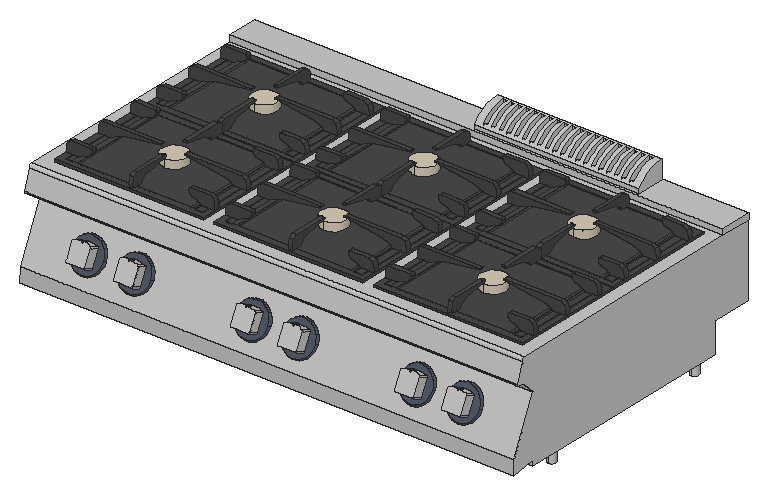
Revit family "QF_ZANUSSI_372150_Z7GCGL6C0A", category Specialty Equipment, Revit 2018 (continued)
Automatic sketch dimensions
  Extrusion 36 sketch curve to Extrusion 36 sketch curve = 0 mm
  Extrusion 36 sketch curve to Extrusion 36 sketch curve = 1 mm  (x2)
  Extrusion 36 sketch curve to Extrusion 36 sketch curve = 15 mm
  Extrusion 37 sketch curve to Extrusion 37 sketch curve = 35 mm  (x2)
  Extrusion 39 sketch curve to Extrusion 39 sketch curve = 2.997 mm  (x4)
  Extrusion 39 sketch curve to Extrusion 39 sketch curve = 20.003 mm  (x2)
  Extrusion 39 sketch curve to Extrusion 39 sketch curve = 0 mm  (x2)
  Extrusion 39 sketch curve to Extrusion 39 sketch curve = 40.037 mm
  Extrusion 39 sketch curve to Extrusion 39 sketch curve = 5.399 mm
  Split face 34 sketch curve to Split face 34 sketch curve = 6 mm
  Split face 34 sketch curve to Split face 34 sketch curve = 10 mm
  Split face 35 sketch curve to Split face 35 sketch curve = 5 mm
  Split face 35 sketch curve to Split face 35 sketch curve = 9 mm
  Split face 36 sketch curve to Split face 36 sketch curve = 5 mm
  Split face 37 sketch curve to Split face 37 sketch curve = 5 mm
  Split face 38 sketch curve to Split face 38 sketch curve = 6 mm
  Split face 38 sketch curve to Split face 38 sketch curve = 10 mm
  Split face 39 sketch curve to Split face 39 sketch curve = 5 mm
  Split face 39 sketch curve to Split face 39 sketch curve = 9 mm
  Split face 40 sketch curve to Split face 40 sketch curve = 5 mm
  Split face 41 sketch curve to Split face 41 sketch curve = 5 mm
  curve 2 to plane 4 "RIGHT" = 0 mm
  plane 5 "FRONT" to curve 3 = 0.129 mm
  plane 5 "FRONT" to curve 1 = 0.129 mm
  plane 3 "LEFT" to curve 91 = 120.334 mm
  curve 91 to curve 94 = 0.774 mm
  curve 91 to curve 92 = 1.846 mm
  curve 94 to curve 93 = 10.309 mm
  curve 91 to curve 95 = 21.322 mm
  curve 95 to curve 104 = 1.738 mm
  curve 93 to curve 102 = 22.215 mm
  curve 92 to curve 101 = 40.691 mm
  curve 101 to curve 103 = 1.071 mm
  curve 100 to curve 116 = 70.617 mm
  curve 116 to curve 119 = 0.774 mm
  curve 116 to curve 117 = 1.846 mm
  curve 119 to curve 118 = 10.309 mm
  curve 116 to curve 120 = 21.322 mm
  curve 120 to curve 111 = 1.738 mm
  curve 118 to curve 109 = 22.215 mm
  curve 108 to curve 110 = 1.071 mm
  curve 126 to plane 7 "Center Y" = 79.666 mm
  curve 126 to curve 129 = 0.774 mm
  curve 126 to curve 127 = 1.846 mm
  curve 128 to plane 7 "Center Y" = 68.583 mm
  curve 130 to plane 7 "Center Y" = 58.344 mm
  curve 130 to curve 139 = 1.738 mm
  curve 128 to curve 137 = 22.215 mm
  curve 136 to curve 138 = 1.071 mm
  curve 135 to curve 151 = 70.617 mm
  curve 151 to curve 154 = 0.774 mm
  curve 151 to curve 152 = 1.846 mm
  curve 154 to curve 153 = 10.309 mm
  curve 151 to curve 155 = 21.322 mm
  curve 155 to curve 146 = 1.738 mm
  curve 153 to curve 144 = 22.215 mm
  curve 152 to curve 143 = 40.691 mm
  curve 143 to curve 145 = 1.071 mm
  curve 160 to plane 4 "RIGHT" = 279.666 mm
  curve 160 to curve 163 = 0.774 mm
  curve 160 to curve 161 = 1.846 mm
  curve 163 to curve 162 = 10.309 mm
  curve 160 to curve 164 = 21.322 mm
  curve 164 to curve 173 = 1.738 mm
  curve 162 to curve 171 = 22.215 mm
  curve 161 to curve 170 = 40.691 mm
  curve 170 to curve 172 = 1.071 mm
  curve 185 to curve 188 = 0.774 mm
  curve 185 to curve 186 = 1.846 mm
  curve 188 to curve 187 = 10.309 mm
  curve 189 to plane 4 "RIGHT" = 143.344 mm
  curve 189 to curve 180 = 1.738 mm
  curve 187 to curve 178 = 22.215 mm
  curve 177 to plane 4 "RIGHT" = 122.129 mm
  curve 177 to curve 179 = 1.071 mm
  curve 128 to curve 137 = 0 mm
  curve 187 to curve 178 = 0 mm
  curve 93 to curve 102 = 0 mm
  curve 162 to curve 171 = 0 mm
  curve 153 to curve 144 = 0 mm
  curve 118 to curve 109 = 0 mm
  curve 163 to curve 162 = 43.345 mm
  curve 119 to curve 110 = 0 mm
  curve 163 to curve 172 = 0 mm
  curve 94 to curve 103 = 0 mm
  curve 188 to curve 179 = 0 mm
  curve 154 to curve 145 = 0 mm
  curve 129 to curve 138 = 0 mm
  curve 143 to curve 145 = 14.462 mm
  curve 136 to curve 138 = 14.462 mm
  curve 170 to curve 172 = 14.462 mm
  curve 108 to curve 110 = 14.462 mm
  curve 186 to curve 188 = 14.462 mm
  curve 92 to curve 94 = 14.462 mm
  curve 116 to curve 117 = 2.779 mm
  curve 107 to curve 108 = 2.779 mm
  curve 91 to curve 92 = 2.779 mm
  curve 185 to curve 186 = 2.779 mm
  curve 176 to curve 177 = 2.779 mm
  curve 126 to curve 127 = 2.779 mm
  curve 169 to curve 170 = 2.779 mm
  curve 160 to curve 161 = 2.779 mm
  curve 135 to curve 136 = 2.779 mm
  curve 100 to curve 101 = 2.779 mm
  curve 151 to curve 152 = 2.779 mm
  curve 142 to curve 143 = 2.779 mm
  curve 120 to curve 116 = 88.173 mm
  curve 139 to curve 135 = 88.173 mm
  curve 180 to curve 176 = 88.173 mm
  curve 146 to curve 142 = 88.173 mm
  curve 130 to curve 139 = 0 mm  (x2)
  curve 189 to curve 180 = 0 mm  (x2)
  curve 120 to curve 111 = 0 mm  (x2)
  curve 173 to curve 169 = 88.173 mm
  curve 95 to curve 91 = 88.173 mm
  curve 164 to curve 173 = 0 mm  (x2)
  curve 95 to curve 104 = 0 mm  (x2)
  curve 155 to curve 146 = 0 mm  (x2)
  curve 93 to curve 94 = 11.392 mm
  curve 94 to curve 94 = 1.583 mm
  curve 92 to curve 91 = 0.277 mm
  curve 94 to curve 94 = 0.284 mm
  curve 92 to curve 105 = 2.465 mm
  curve 94 to curve 97 = 20.417 mm
  curve 96 to curve 98 = 2 mm
  curve 105 to curve 100 = 2.189 mm
  curve 103 to curve 104 = 0.284 mm
  curve 100 to curve 101 = 0.277 mm
  curve 100 to curve 100 = 0.809 mm
  curve 104 to curve 102 = 1.299 mm
  curve 99 to curve 102 = 9.809 mm
  curve 118 to curve 119 = 11.392 mm
  curve 115 to curve 116 = 0.809 mm
  curve 117 to curve 116 = 0.277 mm
  curve 120 to curve 119 = 0.284 mm
  curve 117 to curve 121 = 2.465 mm
  curve 119 to curve 114 = 20.417 mm
  curve 114 to curve 112 = 2 mm
  curve 108 to curve 107 = 2.189 mm
  curve 110 to curve 110 = 0.284 mm
  curve 107 to curve 107 = 0.277 mm
  curve 111 to curve 109 = 1.299 mm
  curve 107 to curve 106 = 0.809 mm
  curve 106 to curve 109 = 9.809 mm
  curve 128 to plane 7 "Center Y" = 90.284 mm
  curve 126 to curve 126 = 0.809 mm
  curve 127 to curve 126 = 0.277 mm
  curve 130 to curve 129 = 0.284 mm
  curve 126 to curve 140 = 2.465 mm
  curve 129 to curve 130 = 20.417 mm
  curve 130 to curve 139 = 2 mm
  curve 140 to curve 135 = 2.189 mm
  curve 138 to curve 139 = 0.284 mm
  curve 135 to curve 136 = 0.277 mm
  curve 135 to curve 135 = 0.809 mm
  curve 139 to curve 137 = 1.299 mm
  curve 134 to curve 137 = 9.809 mm
  curve 153 to curve 154 = 11.392 mm
  curve 154 to curve 154 = 1.583 mm
  curve 151 to curve 151 = 0.277 mm
  curve 154 to curve 154 = 0.284 mm
  curve 151 to curve 156 = 2.465 mm
  curve 154 to curve 149 = 20.417 mm
  curve 148 to curve 147 = 2 mm
  curve 156 to curve 142 = 2.189 mm
  curve 145 to curve 145 = 0.284 mm
  curve 142 to curve 143 = 0.277 mm
  curve 142 to curve 142 = 0.809 mm
  curve 146 to curve 144 = 1.299 mm
  curve 141 to curve 144 = 9.809 mm
  curve 162 to curve 163 = 11.392 mm
  curve 163 to curve 163 = 1.583 mm
  curve 160 to curve 160 = 0.277 mm
  curve 158 to curve 161 = 1.654 mm
  curve 163 to curve 163 = 0.284 mm
  curve 160 to curve 161 = 2.465 mm
  curve 163 to curve 165 = 20.417 mm
  curve 165 to curve 167 = 2 mm
  curve 174 to curve 169 = 2.189 mm
  curve 172 to curve 172 = 0.284 mm
  curve 169 to curve 170 = 0.277 mm
  curve 169 to curve 168 = 0.809 mm
  curve 173 to curve 171 = 1.299 mm
  curve 168 to curve 171 = 9.809 mm
  curve 187 to curve 188 = 11.392 mm
  curve 185 to curve 185 = 0.809 mm
  curve 185 to curve 185 = 0.277 mm
  curve 189 to curve 188 = 0.284 mm
  curve 185 to curve 190 = 2.465 mm
  curve 188 to curve 189 = 20.417 mm
  curve 183 to curve 181 = 2 mm
  curve 190 to curve 176 = 2.189 mm
  curve 179 to curve 179 = 0.284 mm
  curve 176 to curve 177 = 0.277 mm
  curve 176 to curve 176 = 0.809 mm
  curve 180 to curve 178 = 1.299 mm
  curve 178 to plane 4 "RIGHT" = 109.666 mm
  plane 4 "RIGHT" to curve 89 = 0.05 mm
  curve 192 to curve 89 = 0 mm
  curve 145 to curve 144 = 7.106 mm
  curve 188 to curve 187 = 7.106 mm
  curve 94 to curve 93 = 7.106 mm
  curve 118 to curve 115 = 4.292 mm
  curve 119 to curve 114 = 7.106 mm
  curve 129 to curve 128 = 7.106 mm
  curve 93 to curve 90 = 4.292 mm
  curve 128 to curve 125 = 4.292 mm
  curve 187 to curve 184 = 4.292 mm
  curve 144 to curve 141 = 4.292 mm
  curve 172 to curve 168 = 7.106 mm
  curve 178 to curve 175 = 4.292 mm
  curve 109 to curve 106 = 4.292 mm
  curve 137 to curve 134 = 4.292 mm
  curve 146 to curve 147 = 3.441 mm
  curve 104 to curve 98 = 3.441 mm
  curve 111 to curve 112 = 3.441 mm
  curve 180 to curve 181 = 3.441 mm
  curve 173 to curve 167 = 3.441 mm
  curve 139 to curve 133 = 3.441 mm
  curve 114 to curve 120 = 2.23 mm
  curve 97 to curve 95 = 2.23 mm
  curve 131 to curve 130 = 2.23 mm
  curve 167 to curve 173 = 2.23 mm
  curve 181 to curve 180 = 2.23 mm
  curve 147 to curve 146 = 2.23 mm
  curve 136 to curve 157 = 6.567 mm
  curve 177 to curve 192 = 6.567 mm
  curve 186 to curve 191 = 6.567 mm
  curve 101 to curve 122 = 6.567 mm
  curve 108 to curve 123 = 6.567 mm
  curve 124 to curve 89 = 15 mm
  curve 161 to curve 158 = 6.567 mm
  curve 89 to curve 193 = 13.167 mm
  Extrusion 1 sketch curve to plane 5 "FRONT" = 0 mm
  Extrusion 1 sketch curve to plane 10 = 52.989 mm
  Extrusion 1 sketch curve to plane 5 "FRONT" = 15.116 mm
  Extrusion 1 sketch curve to Extrusion 1 sketch curve = 2.884 mm
  Extrusion 1 sketch curve to plane 11 = 65.474 mm
  Extrusion 1 sketch curve to Extrusion 1 sketch curve = 13.051 mm
  Extrusion 1 sketch curve to plane 10 = 56.816 mm
  Extrusion 1 sketch curve to Extrusion 1 sketch curve = 10.198 mm
  Extrusion 1 sketch curve to plane 11 = 58 mm
  plane 9 "Base Height" to Extrusion 1 sketch curve = 13.428 mm
  Extrusion 1 sketch curve to Extrusion 1 sketch curve = 56.355 mm
  Extrusion 1 sketch curve to Extrusion 1 sketch curve = 0.445 mm
  Extrusion 1 sketch curve to Extrusion 1 sketch curve = 3.2 mm
  Extrusion 1 sketch curve to plane 10 = 88.636 mm
  Extrusion 1 sketch curve to Extrusion 1 sketch curve = 31.82 mm
  plane 1 "BACK" to Extrusion 1 sketch curve = 103 mm
  Extrusion 1 sketch curve to plane 1 "BACK" = 0 mm
  Extrusion 1 sketch curve to Extrusion 1 sketch curve = 7.92 mm
  plane 9 "Base Height" to Extrusion 1 sketch curve = 0 mm
  Extrusion 1 sketch curve to Extrusion 1 sketch curve = 35 mm
  Extrusion 1 sketch curve to Extrusion 1 sketch curve = 74 mm
  radius of Extrusion 4 sketch curve = 6.35 mm
  radius of Blend 8 sketch curve = 42.5 mm
  radius of Blend 8 sketch curve = 40.5 mm
  radius of Split face 1 sketch curve = 3 mm
  radius of Blend 14 sketch curve = 42.5 mm
  radius of Blend 14 sketch curve = 40.5 mm
  radius of Split face 10 sketch curve = 1.5 mm
  radius of Split face 11 sketch curve = 2.029 mm
  radius of Split face 12 sketch curve = 2.031 mm
  radius of Split face 13 sketch curve = 3.497 mm
  radius of Split face 14 sketch curve = 3.497 mm
  radius of Split face 15 sketch curve = 3 mm
  radius of Split face 16 sketch curve = 1.5 mm
  radius of Blend 16 sketch curve = 42.5 mm
  radius of Blend 16 sketch curve = 40.5 mm
  radius of Blend 22 sketch curve = 42.5 mm
  radius of Blend 22 sketch curve = 40.5 mm
  radius of Blend 24 sketch curve = 42.5 mm
  radius of Blend 24 sketch curve = 40.5 mm
  radius of Blend 30 sketch curve = 42.5 mm
  radius of Blend 30 sketch curve = 40.5 mm
  radius of Split face 17 sketch curve = 3 mm
  radius of Split face 26 sketch curve = 1.5 mm
  radius of Split face 27 sketch curve = 2.029 mm
  radius of Split face 28 sketch curve = 2.031 mm
  radius of Split face 29 sketch curve = 3.497 mm
  radius of Split face 30 sketch curve = 3.497 mm
  radius of Split face 31 sketch curve = 3 mm
  radius of Split face 32 sketch curve = 1.5 mm
  radius of Blend 32 sketch curve = 42.5 mm
  radius of Blend 32 sketch curve = 40.5 mm
  radius of Blend 38 sketch curve = 42.5 mm
  radius of Blend 38 sketch curve = 40.5 mm
  radius of Split face 33 sketch curve = 3 mm
  radius of Split face 42 sketch curve = 1.5 mm
  radius of Split face 43 sketch curve = 2.029 mm
  radius of Split face 44 sketch curve = 2.031 mm
  radius of Split face 45 sketch curve = 3.497 mm
  radius of Split face 46 sketch curve = 3.497 mm
  radius of Split face 47 sketch curve = 3 mm
  radius of Split face 48 sketch curve = 1.5 mm
Nested families
  nested 1: "QF_372004_BURNER" at (24.358, -6.2, -576.213), type "QF_372004_BURNER"
    with Type Mark "", Status "", Specification by User "", Revision Code "", Item Number "", Installed By "", Identify Quantity as Lot yes, Furnished By "", Foodservice Equipment Identifier yes
  nested 2: "QF_372004_BURNER" at (24.358, -740.327, -576.213), type "QF_372004_BURNER"
    with Type Mark "", Status "", Specification by User "", Revision Code "", Item Number "", Installed By "", Identify Quantity as Lot yes, Furnished By "", Foodservice Equipment Identifier yes
  nested 3: "QF_372004_BURNER" at (412.5, -6.2, -576.213), type "QF_372004_BURNER"
    with Type Mark "", Status "", Specification by User "", Revision Code "", Item Number "", Installed By "", Identify Quantity as Lot yes, Furnished By "", Foodservice Equipment Identifier yes
  nested 4: "QF_372004_BURNER" at (412.5, -740.327, -576.213), type "QF_372004_BURNER"
    with Type Mark "", Status "", Specification by User "", Revision Code "", Item Number "", Installed By "", Identify Quantity as Lot yes, Furnished By "", Foodservice Equipment Identifier yes
  nested 5: "QF_372004_BURNER" at (1175.642, -6.2, -576.213) x (-1, 0, 0) z (0, 0, 1), type "QF_372004_BURNER"
    with Type Mark "", Status "", Specification by User "", Revision Code "", Item Number "", Installed By "", Identify Quantity as Lot yes, Furnished By "", Foodservice Equipment Identifier yes
  nested 6: "QF_372004_BURNER" at (1175.642, -740.327, -576.213) x (-1, 0, 0) z (0, 0, 1), type "QF_372004_BURNER"
    with Type Mark "", Status "", Specification by User "", Revision Code "", Item Number "", Installed By "", Identify Quantity as Lot yes, Furnished By "", Foodservice Equipment Identifier yes
Connectors
  piping at (1100, -76.2, 60.512), diameter 12.8
    settings: on Extrusion 4, index 1, connector inside diameter 0.50394", connector length 0 mm, flow factor 0, pipe flow 0 GPM, pressure drop 0.00 psi, fitting loss kfactor 0, connector angle 0.00°, fixture units 0, engagement length 0 mm, angle of deflection 0.00°, flow configuration 1, flow direction 1, fitting loss method 0, system type 7, joint type 0, gender type 0, connector reference index -1, connector utility 0, adjustable connector no, is connector primary yes, connector description "Gas Inlet"
Definition of nested family "QF_372004_BURNER"
  Parameters
    Weight in Pounds = 0
    URL Cutsheet = ""
    URL = "www.electrolux.com"
    Type Mark [instance] = ""
    Status [instance] = ""
    Specification by User [instance] = ""
    Specification by Manufacturer = ""
    Serial Number = ""
    Seismic Rating = ""
    SMACNA No = ""
    Revision Code [instance] = ""
    Omniclass Number and Title = ""
    NAFEM Spec ID Number = ""
    Model = "371009"
    Masterspec = ""
    Manufacturer = "ELECTROLUX"
    Item Number [instance] = ""
    Installed By [instance] = ""
    Identify Quantity as Lot [instance] = yes
    Furnished By [instance] = ""
    Foodservice Equipment Identifier [instance] = yes
    Description = ""
    CSI MasterFormat = ""
    CSI Master Format = ""
  Reference planes
    plane 1 "BACK": y = 0
    plane 2: z = 0
    plane 3 "LEFT": x = 0
    plane 4 "RIGHT": x = 800
    plane 5 "FRONT": y = -700
    plane 6 "TOP": z = 908.85
    plane 7 "Center Y": x = 400
    plane 8 "Center X": y = -350
    plane 9 "Base": z = 150
    plane 10: z = 850.85
  Forms (mm)
    Extrusion 1, solid
      sketch origin (0, -734.127, 5) x (1, 0, 0) y (0, 0, -1)
        loop
          arc (7.142, -850.85) -> (6.739, -862.989) -> (9.761, -874.752) r 42.809
          line (9.761, -874.752) -> (19.961, -879.425) -> (157.339, -879.425)
          arc (157.339, -879.425) -> (158.533, -878.312) -> (157.506, -877.043) r 1.197
          line (157.506, -877.043) -> (64.848, -864.021)
          arc (64.848, -864.021) -> (50.111, -858.738) -> (36.589, -850.85) r 85.245
          line (36.589, -850.85) -> (7.142, -850.85)
        loop
          line (367.858, -850.85) -> (338.411, -850.85)
          arc (338.411, -850.85) -> (324.889, -858.738) -> (310.152, -864.021) r 85.245
          line (310.152, -864.021) -> (217.494, -877.043)
          arc (217.494, -877.043) -> (216.467, -878.312) -> (217.661, -879.425) r 1.197
          line (217.661, -879.425) -> (355.039, -879.425) -> (365.239, -874.752)
          arc (365.239, -874.752) -> (368.261, -862.989) -> (367.858, -850.85) r 42.809
      from 224.564 to 234.564
    Extrusion 2, solid
      sketch origin (0, -734.127, 5) x (1, 0, 0) y (0, 0, -1)
        loop
          arc (7.056, -850.85) -> (6.705, -862.948) -> (9.748, -874.663) r 42.876
          line (9.748, -874.663) -> (19.961, -879.425) -> (65.851, -879.425)
          arc (65.851, -879.425) -> (68.577, -878.352) -> (69.841, -875.709) r 4
          arc (69.841, -875.709) -> (68.75, -869.25) -> (64.816, -864.012) r 13.87
          arc (64.816, -864.012) -> (50.096, -858.731) -> (36.589, -850.85) r 85.245
          line (36.589, -850.85) -> (7.056, -850.85)
        loop
          line (367.944, -850.85) -> (338.411, -850.85)
          arc (338.411, -850.85) -> (324.904, -858.731) -> (310.184, -864.012) r 85.245
          arc (310.184, -864.012) -> (306.25, -869.25) -> (305.159, -875.709) r 13.87
          arc (305.159, -875.709) -> (306.423, -878.352) -> (309.149, -879.425) r 4
          line (309.149, -879.425) -> (355.039, -879.425) -> (365.252, -874.663)
          arc (365.252, -874.663) -> (368.295, -862.948) -> (367.944, -850.85) r 42.876
      from 127.064 to 137.064
    Extrusion 3, solid
      sketch origin (0, -275, 5) x (1, 0, 0) y (0, 0, 1)
        loop
          arc (64.816, 864.012) -> (68.75, 869.25) -> (69.841, 875.709) r 13.87
          arc (69.841, 875.709) -> (68.577, 878.352) -> (65.851, 879.425) r 4
          line (65.851, 879.425) -> (19.961, 879.425) -> (9.748, 874.663)
          arc (9.748, 874.663) -> (6.705, 862.948) -> (7.056, 850.85) r 42.876
          line (7.056, 850.85) -> (36.589, 850.85)
          arc (36.589, 850.85) -> (50.096, 858.731) -> (64.816, 864.012) r 85.245
        loop
          arc (310.184, 864.012) -> (324.904, 858.731) -> (338.411, 850.85) r 85.245
          line (338.411, 850.85) -> (367.944, 850.85)
          arc (367.944, 850.85) -> (368.295, 862.948) -> (365.252, 874.663) r 42.876
          line (365.252, 874.663) -> (355.039, 879.425) -> (309.149, 879.425)
          arc (309.149, 879.425) -> (306.423, 878.352) -> (305.159, 875.709) r 4
          arc (305.159, 875.709) -> (306.25, 869.25) -> (310.184, 864.012) r 13.87
      from 127.064 to 137.064
    Extrusion 4, solid
      sketch origin (454.964, -29.48, 5) x (0, -1, 0) y (0, 0, 1)
        loop
          arc (366.649, 850.85) -> (375.927, 861.743) -> (389.337, 866.736) r 28.426
          line (389.337, 866.736) -> (441.256, 877.043)
          arc (441.256, 877.043) -> (442.283, 878.312) -> (441.089, 879.425) r 1.197
          line (441.089, 879.425) -> (347.797, 879.425)
          arc (347.797, 879.425) -> (343.211, 875.934) -> (337.583, 874.694) r 13.39
          line (337.583, 874.694) -> (337.583, 850.85) -> (366.649, 850.85)
        loop
          arc (606.236, 850.85) -> (606.587, 862.948) -> (603.543, 874.663) r 42.876
          line (603.543, 874.663) -> (593.33, 879.425) -> (509.077, 879.425)
          arc (509.077, 879.425) -> (507.883, 878.312) -> (508.911, 877.043) r 1.197
          line (508.911, 877.043) -> (560.83, 866.736)
          arc (560.83, 866.736) -> (574.239, 861.743) -> (583.518, 850.85) r 28.426
          line (583.518, 850.85) -> (606.236, 850.85)
      from 262.464 to 272.464
    Extrusion 5, solid
      sketch origin (0, 0, 850.85) x (0, -1, 0) y (1, 0, 0)
        loop
          line (642.216, 6.433) -> (642.216, 368.567) -> (367.857, 368.567) -> (367.857, 6.433) -> (642.216, 6.433)
        loop
          line (382.857, 21.433) -> (627.216, 21.433) -> (627.216, 353.567) -> (382.857, 353.567) -> (382.857, 21.433)
      from 0 to 5
    Extrusion 6, solid
      sketch origin (-12.5, 0, 855.85) x (0, -1, 0) y (1, 0, 0)
        loop
          circle (504.356, 200) r 30
      from -1.321 to 17.134
    Extrusion 7, solid
      sketch origin (0, -734.127, 0) x (1, 0, 0) y (0, 0, -1)
        loop
          line (21.433, -855.85) -> (36.589, -855.85)
          arc (36.589, -855.85) -> (40.561, -855.243) -> (44.305, -853.783) r 18.259
          arc (44.305, -853.783) -> (45.997, -853.366) -> (47.69, -853.783) r 3.649
          arc (47.69, -853.783) -> (49.901, -854.522) -> (52.232, -854.529) r 7.328
          line (52.232, -854.529) -> (322.768, -854.529)
          arc (322.768, -854.529) -> (325.099, -854.522) -> (327.31, -853.783) r 7.328
          arc (327.31, -853.783) -> (329.003, -853.366) -> (330.695, -853.783) r 3.649
          arc (330.695, -853.783) -> (334.439, -855.243) -> (338.411, -855.85) r 18.259
          line (338.411, -855.85) -> (353.567, -855.85) -> (353.567, -850.85) -> (21.433, -850.85) -> (21.433, -855.85)
      from 106.911 to 351.27
  Lines and regions (mm)
    symbolic lines
      curve 1: line (6.433, -642.216, 150) -> (368.567, -642.216, 150)
      curve 2: line (6.433, -367.857, 150) -> (6.433, -642.216, 150)
      curve 3: line (368.567, -367.857, 150) -> (192.5, -367.857, 150)
      curve 4: line (368.567, -642.216, 150) -> (368.567, -367.857, 150)
      curve 5: line (353.567, -382.857, 150) -> (192.5, -382.857, 150)
      curve 6: line (353.567, -627.216, 150) -> (353.567, -607.064, 150)
      curve 7: line (21.433, -627.216, 150) -> (182.5, -627.216, 150)
      curve 8: line (21.433, -382.857, 150) -> (21.433, -402.064, 150)
      curve 9: line (52.232, -627.216, 150) -> (52.232, -607.064, 150)
      curve 10: line (322.567, -382.857, 150) -> (322.567, -402.064, 150)
      curve 11: line (148.125, -499.564, 150) -> (148.125, -382.857, 150)
      curve 12: line (154.375, -382.857, 150) -> (154.375, -499.564, 150)
      curve 13: arc (148.297, -509.564, 150) -> (159.191, -533.254, 150) -> (182.5, -544.942, 150) r 39.375
      curve 14: arc (220.42, -509.564, 150) -> (211.39, -528.832, 150) -> (192.5, -538.631, 150) r 33.125
      curve 15: line (220.625, -382.857, 150) -> (220.625, -499.564, 150)
      curve 16: line (226.875, -499.564, 150) -> (226.875, -382.857, 150)
      curve 17: line (192.5, -636.339, 150) -> (192.5, -535.619, 150)
      curve 18: arc (182.657, -474.75, 150) -> (166.195, -483.236, 150) -> (157.853, -499.771, 150) r 30
      curve 19: arc (192.224, -533.982, 150) -> (208.621, -525.661, 150) -> (217.084, -509.337, 150) r 30
      curve 20: line (368.567, -597.064, 150) -> (305.159, -597.064, 150)
      curve 21: line (6.433, -607.064, 150) -> (69.841, -607.064, 150)
      curve 22: line (6.433, -509.564, 150) -> (156.429, -509.564, 150)
      curve 23: line (368.567, -499.564, 150) -> (218.571, -499.564, 150)
      curve 24: line (6.433, -412.064, 150) -> (69.841, -412.064, 150)
      curve 25: line (368.567, -402.064, 150) -> (305.159, -402.064, 150)
      curve 26: line (69.841, -597.064, 150) -> (6.433, -597.064, 150)
      curve 27: line (305.159, -607.064, 150) -> (368.567, -607.064, 150)
      curve 28: line (69.841, -402.064, 150) -> (6.433, -402.064, 150)
      curve 29: line (305.159, -412.064, 150) -> (368.567, -412.064, 150)
      curve 30: arc (69.841, -597.064, 150) -> (74.841, -602.064, 150) -> (69.841, -607.064, 150) r 5
      curve 31: arc (305.159, -607.064, 150) -> (300.159, -602.064, 150) -> (305.159, -597.064, 150) r 5
      curve 32: arc (69.841, -402.064, 150) -> (74.841, -407.064, 150) -> (69.841, -412.064, 150) r 5
      curve 33: arc (305.159, -412.064, 150) -> (300.159, -407.064, 150) -> (305.159, -402.064, 150) r 5
      curve 34: line (21.433, -412.064, 150) -> (21.433, -499.564, 150)
      curve 35: line (52.232, -402.064, 150) -> (52.232, -382.857, 150)
      curve 36: line (21.433, -509.564, 150) -> (21.433, -597.064, 150)
      curve 37: line (52.232, -499.564, 150) -> (52.232, -412.064, 150)
      curve 38: line (52.232, -597.064, 150) -> (52.232, -509.564, 150)
      curve 39: line (21.433, -607.064, 150) -> (21.433, -627.216, 150)
      curve 40: line (322.567, -607.064, 150) -> (322.567, -627.216, 150)
      curve 41: line (353.567, -597.064, 150) -> (353.567, -509.564, 150)
      curve 42: line (322.567, -509.564, 150) -> (322.567, -597.064, 150)
      curve 43: line (353.567, -499.564, 150) -> (353.567, -412.064, 150)
      curve 44: line (353.567, -402.064, 150) -> (353.567, -382.857, 150)
      curve 45: line (322.567, -412.064, 150) -> (322.567, -499.564, 150)
      curve 46: line (156.429, -499.564, 150) -> (6.433, -499.564, 150)
      curve 47: line (218.571, -509.564, 150) -> (368.567, -509.564, 150)
      curve 48: arc (218.571, -499.564, 150) -> (213.571, -504.564, 150) -> (218.571, -509.564, 150) r 5
      curve 49: arc (156.429, -499.564, 150) -> (161.429, -504.564, 150) -> (156.429, -509.564, 150) r 5
      curve 50: arc (157.916, -509.337, 150) -> (166.379, -525.661, 150) -> (182.776, -533.982, 150) r 30
      curve 51: arc (217.147, -499.771, 150) -> (208.805, -483.236, 150) -> (192.343, -474.75, 150) r 30
      curve 52: line (182.5, -535.619, 150) -> (182.5, -636.339, 150)
      curve 53: line (192.5, -473.508, 150) -> (192.5, -367.064, 150)
      curve 54: arc (192.5, -535.619, 150) -> (187.5, -530.619, 150) -> (182.5, -535.619, 150) r 5
      curve 55: arc (192.5, -473.508, 150) -> (187.5, -478.508, 150) -> (182.5, -473.508, 150) r 5
      curve 56: line (182.5, -367.857, 150) -> (6.433, -367.857, 150)
      curve 57: line (182.5, -382.857, 150) -> (21.433, -382.857, 150)
      curve 58: arc (192.5, -404.571, 150) -> (196.398, -417.071, 150) -> (192.5, -429.571, 150) r 21.993
      curve 59: arc (196.181, -420.148, 150) -> (199.482, -417.071, 150) -> (196.181, -413.995, 150) r 3.084
      curve 60: arc (182.5, -404.571, 150) -> (178.602, -417.071, 150) -> (182.5, -429.571, 150) r 21.993
      curve 61: arc (178.819, -420.148, 150) -> (175.518, -417.071, 150) -> (178.819, -413.995, 150) r 3.084
      curve 62: line (182.5, -367.064, 150) -> (182.5, -473.508, 150)
      curve 63: arc (182.5, -538.631, 150) -> (163.61, -528.832, 150) -> (154.58, -509.564, 150) r 33.125
      curve 64: arc (192.5, -544.942, 150) -> (215.809, -533.254, 150) -> (226.703, -509.564, 150) r 39.375
      curve 65: line (182.5, -636.339, 150) -> (192.5, -636.339, 150)
      curve 66: line (182.5, -377.277, 150) -> (192.5, -377.277, 150)
      curve 67: line (182.5, -367.064, 150) -> (192.5, -367.064, 150)
      curve 68: line (192.5, -627.216, 150) -> (353.567, -627.216, 150)
  Dimensions and locks
    equal spacing: plane 3 "LEFT", plane 7 "Center Y", plane 4 "RIGHT"
    plane 3 "LEFT" to plane 4 "RIGHT" = 800 mm
    equal spacing: plane 5 "FRONT", plane 8 "Center X", plane 1 "BACK"
    plane 5 "FRONT" to plane 1 "BACK" = 700 mm
    plane 6 "TOP" to level = 908.85 mm
    plane 9 "Base" to level = 150 mm
    plane 6 "TOP" to plane 10 = 58 mm  (x2)
    aligned and locked: level to plane 2
  Automatic sketch dimensions
    Extrusion 5 sketch curve to Extrusion 5 sketch curve = 15 mm  (x2)
    Extrusion 5 sketch curve to Extrusion 5 sketch curve = 332.134 mm
    plane 3 "LEFT" to Extrusion 2 sketch curve = 7.056 mm
    plane 3 "LEFT" to Extrusion 2 sketch curve = 9.748 mm
    Extrusion 2 sketch curve to Extrusion 2 sketch curve = 10.213 mm  (x2)
    plane 10 to Extrusion 2 sketch curve = 5 mm  (x2)
    Extrusion 2 sketch curve to Extrusion 2 sketch curve = 29.533 mm
    Extrusion 2 sketch curve to Extrusion 2 sketch curve = 12.72 mm  (x2)
    Extrusion 2 sketch curve to Extrusion 2 sketch curve = 6.697 mm
    Extrusion 2 sketch curve to Extrusion 2 sketch curve = 8.81 mm
    Extrusion 2 sketch curve to Extrusion 2 sketch curve = 9.845 mm  (x2)
    Extrusion 2 sketch curve to Extrusion 2 sketch curve = 3.99 mm  (x2)
    Extrusion 2 sketch curve to Extrusion 2 sketch curve = 0 mm  (x2)
    Extrusion 2 sketch curve to Extrusion 2 sketch curve = 36.813 mm
    Extrusion 2 sketch curve to plane 7 "Center Y" = 111.122 mm
    Extrusion 2 sketch curve to plane 6 "TOP" = 28.141 mm
    Extrusion 2 sketch curve to plane 7 "Center Y" = 94.841 mm
    Extrusion 2 sketch curve to Extrusion 2 sketch curve = 1.035 mm
    Extrusion 2 sketch curve to Extrusion 2 sketch curve = 15.507 mm
    Extrusion 2 sketch curve to Extrusion 2 sketch curve = 16.628 mm
    Extrusion 2 sketch curve to Extrusion 2 sketch curve = 2.692 mm
    Extrusion 2 sketch curve to plane 6 "TOP" = 24.425 mm
    Extrusion 2 sketch curve to Extrusion 2 sketch curve = 28.575 mm
    Extrusion 2 sketch curve to Extrusion 2 sketch curve = 3.716 mm
    Extrusion 2 sketch curve to Extrusion 2 sketch curve = 4.763 mm  (x2)
    plane 3 "LEFT" to Extrusion 1 sketch curve = 7.142 mm
    plane 3 "LEFT" to Extrusion 1 sketch curve = 9.761 mm
    Extrusion 1 sketch curve to Extrusion 1 sketch curve = 10.201 mm  (x2)
    plane 10 to Extrusion 1 sketch curve = 5 mm  (x2)
    Extrusion 1 sketch curve to Extrusion 1 sketch curve = 29.447 mm
    Extrusion 1 sketch curve to Extrusion 1 sketch curve = 12.704 mm  (x2)
    Extrusion 1 sketch curve to Extrusion 1 sketch curve = 15.555 mm  (x2)
    Extrusion 1 sketch curve to Extrusion 1 sketch curve = 36.829 mm
    Extrusion 1 sketch curve to plane 6 "TOP" = 24.425 mm  (x2)
    Extrusion 1 sketch curve to Extrusion 1 sketch curve = 92.491 mm
    Extrusion 1 sketch curve to plane 6 "TOP" = 26.807 mm  (x2)
    Extrusion 1 sketch curve to Extrusion 1 sketch curve = 0.167 mm  (x2)
    Extrusion 1 sketch curve to Extrusion 1 sketch curve = 59.988 mm
    Extrusion 1 sketch curve to plane 7 "Center Y" = 111.122 mm
    plane 10 to Extrusion 1 sketch curve = 18.171 mm
    Extrusion 1 sketch curve to Extrusion 1 sketch curve = 21.274 mm
    Extrusion 1 sketch curve to Extrusion 1 sketch curve = 16.628 mm
    Extrusion 1 sketch curve to Extrusion 1 sketch curve = 2.618 mm
    Extrusion 1 sketch curve to Extrusion 1 sketch curve = 4.673 mm  (x2)
    Extrusion 1 sketch curve to Extrusion 1 sketch curve = 5.694 mm
    plane 3 "LEFT" to Extrusion 3 sketch curve = 7.056 mm
    plane 3 "LEFT" to Extrusion 3 sketch curve = 9.748 mm
    Extrusion 3 sketch curve to Extrusion 3 sketch curve = 10.213 mm  (x2)
    plane 10 to Extrusion 3 sketch curve = 5 mm  (x2)
    Extrusion 3 sketch curve to Extrusion 3 sketch curve = 29.533 mm
    Extrusion 3 sketch curve to Extrusion 3 sketch curve = 12.72 mm  (x2)
    Extrusion 3 sketch curve to Extrusion 3 sketch curve = 6.697 mm
    Extrusion 3 sketch curve to Extrusion 3 sketch curve = 8.81 mm
    Extrusion 3 sketch curve to Extrusion 3 sketch curve = 9.845 mm  (x2)
    Extrusion 3 sketch curve to Extrusion 3 sketch curve = 3.99 mm  (x2)
    Extrusion 3 sketch curve to Extrusion 3 sketch curve = 0 mm  (x2)
    Extrusion 3 sketch curve to Extrusion 3 sketch curve = 36.813 mm
    Extrusion 3 sketch curve to plane 7 "Center Y" = 111.122 mm
    Extrusion 3 sketch curve to plane 6 "TOP" = 28.141 mm
    Extrusion 3 sketch curve to plane 7 "Center Y" = 94.841 mm
    Extrusion 3 sketch curve to Extrusion 3 sketch curve = 1.035 mm
    Extrusion 3 sketch curve to Extrusion 3 sketch curve = 15.507 mm
    Extrusion 3 sketch curve to Extrusion 3 sketch curve = 16.628 mm
    Extrusion 3 sketch curve to Extrusion 3 sketch curve = 2.692 mm
    Extrusion 3 sketch curve to plane 10 = 64.377 mm  (x2)
    plane 10 to Extrusion 3 sketch curve = 12.281 mm  (x2)
    Extrusion 3 sketch curve to Extrusion 3 sketch curve = 10.713 mm
    Extrusion 5 to Extrusion 6 sketch curve = 121.499 mm
    Extrusion 5 to Extrusion 6 sketch curve = 166.067 mm
    plane 3 "LEFT" to Extrusion 5 sketch curve = 21.433 mm
    Extrusion 5 sketch curve to plane 5 "FRONT" = 72.784 mm
    plane 3 "LEFT" to Extrusion 7 sketch curve = 21.433 mm
    Extrusion 7 sketch curve to Extrusion 7 sketch curve = 14.402 mm
    plane 10 to Extrusion 7 sketch curve = 5 mm
    plane 10 to Extrusion 7 sketch curve = 2.933 mm  (x4)
    Extrusion 7 sketch curve to Extrusion 7 sketch curve = 7.716 mm  (x2)
    Extrusion 7 sketch curve to Extrusion 7 sketch curve = 0 mm  (x2)
    Extrusion 7 sketch curve to Extrusion 7 sketch curve = 1.692 mm  (x2)
    Extrusion 7 sketch curve to Extrusion 7 sketch curve = 3.385 mm  (x2)
    Extrusion 7 sketch curve to plane 10 = 3.559 mm  (x2)
    Extrusion 7 sketch curve to Extrusion 7 sketch curve = 302.478 mm
    Extrusion 7 sketch curve to Extrusion 7 sketch curve = 15.253 mm
    Extrusion 7 sketch curve to Extrusion 7 sketch curve = 15.156 mm  (x2)
    Extrusion 7 sketch curve to Extrusion 7 sketch curve = 3.233 mm
    Extrusion 7 sketch curve to plane 10 = 0 mm
    Extrusion 7 sketch curve to plane 7 "Center Y" = 77.232 mm
    Extrusion 5 sketch curve to plane 8 "Center X" = 32.857 mm
    plane 3 "LEFT" to Extrusion 5 sketch curve = 6.433 mm
    plane 1 "BACK" to Extrusion 5 sketch curve = 367.857 mm
    plane 10 to Extrusion 4 sketch curve = 5 mm  (x2)
    Extrusion 4 sketch curve to Extrusion 4 sketch curve = 29.066 mm
    Extrusion 4 sketch curve to Extrusion 4 sketch curve = 22.688 mm
    Extrusion 4 sketch curve to plane 10 = 7.392 mm  (x2)
    Extrusion 4 sketch curve to Extrusion 4 sketch curve = 25.583 mm
    Extrusion 4 sketch curve to plane 6 "TOP" = 24.425 mm  (x2)
    Extrusion 4 sketch curve to Extrusion 4 sketch curve = 51.752 mm
    Extrusion 4 sketch curve to Extrusion 4 sketch curve = 0.167 mm  (x2)
    Extrusion 4 sketch curve to plane 6 "TOP" = 26.807 mm
    Extrusion 4 sketch curve to Extrusion 4 sketch curve = 67.655 mm
    Extrusion 4 sketch curve to Extrusion 4 sketch curve = 49.024 mm
    Extrusion 4 sketch curve to Extrusion 4 sketch curve = 2.895 mm
    Extrusion 4 sketch curve to Extrusion 4 sketch curve = 3.153 mm
    Extrusion 4 sketch curve to Extrusion 4 sketch curve = 19.535 mm
    Extrusion 4 sketch curve to Extrusion 4 sketch curve = 9.813 mm
    Extrusion 4 sketch curve to Extrusion 4 sketch curve = 10.213 mm
    Extrusion 4 sketch curve to Extrusion 4 sketch curve = 22.718 mm
    Extrusion 4 sketch curve to Extrusion 4 sketch curve = 8.605 mm
    Extrusion 4 sketch curve to Extrusion 4 sketch curve = 4.731 mm
    Extrusion 4 sketch curve to Extrusion 4 sketch curve = 2.382 mm
    Extrusion 4 sketch curve to Extrusion 4 sketch curve = 8.658 mm
    Extrusion 4 sketch curve to plane 8 "Center X" = 17.064 mm
    curve 13 to curve 14 = 0 mm  (x2)
    curve 13 to curve 63 = 0 mm  (x2)
    curve 13 to curve 64 = 0 mm  (x2)
    curve 18 to curve 19 = 0 mm  (x2)
    curve 18 to curve 50 = 0 mm  (x2)
    curve 18 to curve 51 = 0 mm  (x2)
    curve 25 to plane 7 "Center Y" = 31.433 mm
    curve 3 to curve 44 = 15 mm
    curve 43 to curve 44 = 0 mm
    curve 1 to curve 68 = 15 mm
    curve 41 to curve 43 = 0 mm
    curve 6 to curve 40 = 31 mm
    curve 41 to curve 42 = 31 mm
    curve 43 to curve 45 = 31 mm
    curve 10 to curve 45 = 0 mm
    curve 40 to curve 27 = 17.408 mm
    curve 45 to curve 29 = 17.408 mm
    curve 16 to curve 64 = 0.172 mm
    curve 16 to curve 15 = 6.25 mm
    curve 64 to curve 14 = 6.283 mm
    curve 15 to curve 23 = 2.054 mm
    curve 23 to curve 51 = 1.424 mm
    curve 47 to curve 19 = 1.487 mm
    curve 15 to curve 60 = 20.029 mm
    curve 60 to curve 59 = 4.198 mm
    curve 59 to curve 59 = 0.216 mm  (x2)
    curve 19 to curve 64 = 24.584 mm
    curve 55 to curve 51 = 0.157 mm
    curve 54 to curve 19 = 0.276 mm
    curve 19 to curve 64 = 4.724 mm
    curve 18 to curve 13 = 0 mm
    curve 54 to curve 54 = 5 mm
    curve 50 to curve 54 = 0.276 mm
    curve 18 to curve 55 = 0.157 mm
    curve 60 to curve 61 = 3.681 mm
    curve 61 to curve 61 = 0 mm
    curve 61 to curve 61 = 0.216 mm
    curve 61 to curve 58 = 4.198 mm
    curve 13 to curve 50 = 29.584 mm
    curve 50 to curve 18 = 0.064 mm
    curve 50 to curve 22 = 1.487 mm
    curve 22 to curve 63 = 1.849 mm
    curve 49 to curve 12 = 2.054 mm
    curve 63 to curve 13 = 6.283 mm
    curve 12 to curve 11 = 6.25 mm
    plane 3 "LEFT" to curve 30 = 69.841 mm
    plane 3 "LEFT" to curve 28 = 69.841 mm
    plane 3 "LEFT" to curve 38 = 52.232 mm
    curve 24 to curve 37 = 17.609 mm
    curve 9 to curve 38 = 0 mm
    curve 28 to curve 35 = 17.609 mm
    plane 3 "LEFT" to curve 39 = 21.433 mm
    plane 3 "LEFT" to curve 8 = 21.433 mm
    curve 34 to curve 8 = 0 mm
    curve 36 to curve 34 = 0 mm
    plane 3 "LEFT" to curve 21 = 6.433 mm
    curve 67 to curve 56 = 0.794 mm
    curve 67 to curve 3 = 0.794 mm
    curve 56 to curve 66 = 9.419 mm
    curve 10 to curve 33 = 19.206 mm
    curve 8 to curve 8 = 19.206 mm
    curve 57 to curve 60 = 21.714 mm
    curve 60 to curve 58 = 0 mm
    curve 28 to curve 32 = 5 mm
    curve 33 to curve 33 = 5 mm
    curve 58 to curve 59 = 9.423 mm
    curve 61 to curve 58 = 3.077 mm
    curve 60 to curve 62 = 43.937 mm
    curve 51 to curve 15 = 24.814 mm
    curve 23 to curve 51 = 0.207 mm
    curve 18 to curve 13 = 1.529 mm
    curve 38 to curve 38 = 87.5 mm
    curve 42 to curve 31 = 87.5 mm
    curve 26 to curve 30 = 5 mm
    curve 31 to curve 31 = 5 mm
    curve 9 to curve 9 = 20.152 mm
    curve 65 to plane 5 "FRONT" = 63.661 mm
    curve 6 to curve 4 = 15 mm
    curve 55 to curve 55 = 5 mm
    curve 53 to curve 18 = 5 mm
    curve 45 to curve 16 = 95.692 mm
    curve 2 to curve 57 = 15 mm
    curve 10 to plane 8 "Center X" = 32.857 mm
    curve 57 to plane 8 "Center X" = 32.857 mm
    curve 6 to curve 68 = 20.152 mm
    radius of Extrusion 6 sketch curve = 30 mm
